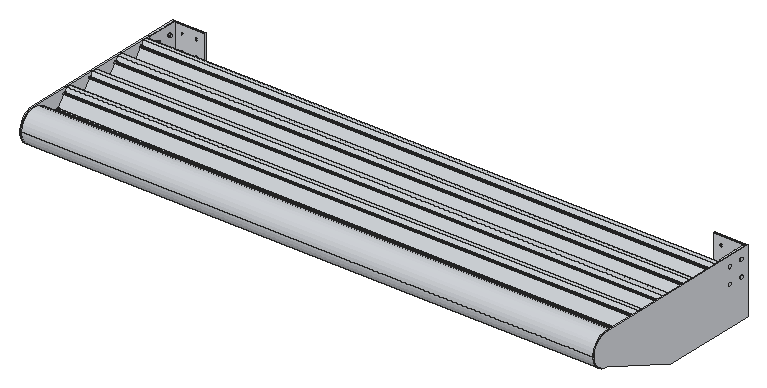
Revit family "Solarium Series", category Mechanical Equipment, Revit 2015
Parameters
  outrigger length = 1' - 6"
  inner radius [instance] = fascia radius - 0' 0 1/8"  # 0' - 2 7/8"
  height = 1' - 0"
  fascia radius [instance] = fascia diameter / 2  # 0' - 3"
  fascia diameter = 0' - 6"
  exact projection = 3' - 0"
  exact length = 9' - 0"
  blade spacing [instance] = 0' - 6"
  blade number [instance] = (exact projection - 0' 8 1/4" - fascia diameter) / blade spacing  # 4
  blade length [instance] = exact length - 0' 0 1/2"  # 8' - 11 1/2"
  URL = "https://unitedenertech.com/catalog/pdf/C_10%20SOLARIUM%20SERIES.pdf"
  Type Comments = "Max Size is 96\" Long, 72\" Projection"
  Model = "Solarium Series"
  Manufacturer = "United Enertech"
  Description = "Round Fascia \"Z\" Blade Sunshade"
  Cost = 0
Reference planes (in)
  plane 1 "Center (Front/Back)": y = 0
  plane 2: z = 0
  plane 3 "Center (Left/Right)": x = 0
  plane 4: x = -54
  plane 5: x = 54
  plane 6: y = -36
  plane 7: y = -18
  plane 8: x = -53.75
  plane 9: x = 53.75
  plane 10: z = 12
  plane 11: y = -33
  plane 12: z = 9
  plane 13: y = -18
  plane 14: z = 6
  plane 15: y = -6.5
Forms (in)
  Extrusion 1, solid
    sketch origin (0, 0, 0) x (0, 1, 0) y (0, 0, 1)
      loop
        circle (-33, 9) r 3
      loop
        circle (-33, 9) r 2.875
    from -53.75 to 53.75
  Extrusion 2, solid
    sketch origin (0, 0, 0) x (0, 1, 0) y (0, 0, 1)
      loop
        line (0, 0) -> (0, 12) -> (-33, 12)
        arc (-33, 12) -> (-36, 9) -> (-33, 6) r 3
        line (-33, 6) -> (-18, 0) -> (0, 0)
    from 53.75 to 54
  Extrusion 3, solid
    sketch origin (0, 0, 0) x (0, 1, 0) y (0, 0, 1)
      loop
        line (0, 0) -> (0, 12) -> (-33, 12)
        arc (-33, 12) -> (-36, 9) -> (-33, 6) r 3
        line (-33, 6) -> (-18, 0) -> (0, 0)
    from -54 to -53.75
Dimensions and locks (in)
  equal spacing: plane 4, plane 3 "Center (Left/Right)", plane 5
  "exact length": plane 4 to plane 5
  equal spacing: plane 6, plane 7, plane 1 "Center (Front/Back)"
  "exact projection": plane 6 to plane 1 "Center (Front/Back)"
  locked: plane 4 to plane 8 at 0.25
  locked: plane 9 to plane 5 at 0.25
  "height": plane 10 to level
  "fascia radius": plane 11 to plane 6
  "fascia radius": plane 10 to plane 12
  "outrigger length": plane 1 "Center (Front/Back)" to plane 13
  "fascia diameter": plane 10 to plane 14
  locked: plane 1 "Center (Front/Back)" to plane 15 at 6.5
  "inner radius": radius of Extrusion 1 sketch curve
  "fascia radius": radius of Extrusion 1 sketch curve
  aligned and locked: level to plane 2
  aligned and locked: plane 9 to Extrusion 1
  aligned and locked: plane 8 to Extrusion 1
  aligned and locked: Extrusion 2 sketch curve to plane 10
  aligned and locked: plane 1 "Center (Front/Back)" to Extrusion 2 sketch curve
  aligned and locked: Extrusion 2 sketch curve to level
  aligned and locked: plane 11 to Extrusion 2 sketch curve  (x2)
  aligned and locked: plane 13 to Extrusion 2 sketch curve
  aligned and locked: level to Extrusion 2 sketch curve
  aligned and locked: plane 14 to Extrusion 2 sketch curve
  aligned and locked: Extrusion 2 to plane 5
  aligned and locked: Extrusion 2 to plane 9
  aligned and locked: plane 4 to Extrusion 3
  aligned and locked: Extrusion 3 to plane 8
  aligned and locked: plane 8 to nested 1
  aligned and locked: nested 1 to plane 1 "Center (Front/Back)"
  aligned and locked: plane 10 to nested 1
  aligned and locked: nested 2 to plane 9
  aligned and locked: plane 1 "Center (Front/Back)" to nested 2
  aligned and locked: nested 2 to plane 10
  aligned and locked: plane 3 "Center (Left/Right)" to nested 3
  aligned and locked: plane 10 to nested 3
  aligned and locked: nested 3 to plane 15
Automatic sketch dimensions
  Extrusion 3 sketch curve to plane 10 = 0' - 0"
  Extrusion 3 sketch curve to plane 11 = 0' - 0"
  Extrusion 3 sketch curve to level = 0' - 0"
  Extrusion 3 sketch curve to plane 13 = 0' - 0"
  Extrusion 3 sketch curve to plane 1 "Center (Front/Back)" = 0' - 0"
  Extrusion 3 sketch curve to plane 14 = 0' - 0"
  Extrusion 1 sketch curve to Extrusion 1 sketch curve = 0' - 0"  (x2)
  Extrusion 1 sketch curve to plane 11 = 0' - 0"
  Extrusion 1 sketch curve to plane 12 = 0' - 0"
Nested families (in)
  nested 1: "OB-3 Mounting Bracket" at (-39.30496, 9.18015, 6), type "OB-3 Mounting Bracket"
  nested 2: "OB-3 Mounting Bracket" at (39.30496, 9.18015, 6) x (-1, 0, 0) z (0, 0, 1), type "OB-3 Mounting Bracket"
  nested 3: "blade array" at (0, -6.5, 12), type "blade array"
    with Blade Length 8' - 11 1/2"
Definition of nested family "OB-3 Mounting Bracket"
  Reference planes (in)
    plane 1 "Center (Front/Back)": y = 0
    plane 2: z = 0
    plane 3 "Center (Left/Right)": x = 0
  Forms (in)
    Extrusion 1, solid
      sketch origin (0, 0, 0) x (1, 0, 0) y (0, 1, 0)
        loop
          line (-14.44504, -15.18015) -> (-14.19504, -15.18015) -> (-14.19504, -9.43015) -> (-8.44504, -9.43015) -> (-8.44504, -9.18015) -> (-14.44504, -9.18015) -> (-14.44504, -15.18015)
      from 0 to 6
    Extrusion 2, void
      sketch origin (0, 0, 0) x (1, 0, 0) y (0, 0, 1)
        loop
          circle (-12.69504, 4.5) r 0.21875
      from 8.63555 to 10.10152
    Extrusion 3, void
      sketch origin (2.75, 0, 0) x (1, 0, 0) y (0, 0, 1)
        loop
          circle (-12.69504, 4.5) r 0.21875
      from 8.63555 to 10.10152
    Extrusion 4, void
      sketch origin (2.75, 0, -3) x (1, 0, 0) y (0, 0, 1)
        loop
          circle (-12.69504, 4.5) r 0.21875
      from 8.63555 to 10.10152
    Extrusion 5, void
      sketch origin (0, 0, -3) x (1, 0, 0) y (0, 0, 1)
        loop
          circle (-12.69504, 4.5) r 0.21875
      from 8.63555 to 10.10152
    Extrusion 6, void
      sketch origin (-23.62519, -23.62519, 0) x (0, -1, 0) y (0, 0, -1)
        loop
          circle (-12.69504, -4.5) r 0.21875
      from 8.63555 to 10.10152
    Extrusion 7, void
      sketch origin (-23.62519, -26.37519, 0) x (0, -1, 0) y (0, 0, -1)
        loop
          circle (-12.69504, -4.5) r 0.21875
      from 8.63555 to 10.10152
    Extrusion 8, void
      sketch origin (-23.62519, -26.37519, -3) x (0, -1, 0) y (0, 0, -1)
        loop
          circle (-12.69504, -4.5) r 0.21875
      from 8.63555 to 10.10152
    Extrusion 9, void
      sketch origin (-23.62519, -23.62519, -3) x (0, -1, 0) y (0, 0, -1)
        loop
          circle (-12.69504, -4.5) r 0.21875
      from 8.63555 to 10.10152
    Extrusion 10, solid
      sketch origin (0, 6.08939, -3.04102) x (0, 1, 0) y (0, 0, 1)
        loop
          line (-17.01954, 4.2231) -> (-16.74422, 4.38206) -> (-16.74422, 4.69998) -> (-17.01954, 4.85893) -> (-17.29486, 4.69998) -> (-17.29486, 4.38206) -> (-17.01954, 4.2231)
      from -14.69504 to -14.93004
    Extrusion 11, solid
      sketch origin (0, 6.08939, -3.04102) x (0, 1, 0) y (0, 0, 1)
        loop
          circle (-17.01954, 4.54102) r 0.1865
      from -14.69504 to -13.63512
    Extrusion 12, solid
      sketch origin (0, 6.08939, -3.04102) x (0, 1, 0) y (0, 0, 1)
        loop
          line (-17.01954, 4.2231) -> (-16.74422, 4.38206) -> (-16.74422, 4.69998) -> (-17.01954, 4.85893) -> (-17.29486, 4.69998) -> (-17.29486, 4.38206) -> (-17.01954, 4.2231)
      from -13.86504 to -14.19504
    Extrusion 13, solid
      sketch origin (0, 3.33939, -3.04102) x (0, 1, 0) y (0, 0, 1)
        loop
          line (-17.01954, 4.2231) -> (-16.74422, 4.38206) -> (-16.74422, 4.69998) -> (-17.01954, 4.85893) -> (-17.29486, 4.69998) -> (-17.29486, 4.38206) -> (-17.01954, 4.2231)
      from -14.69504 to -14.93004
    Extrusion 14, solid
      sketch origin (0, 3.33939, -3.04102) x (0, 1, 0) y (0, 0, 1)
        loop
          circle (-17.01954, 4.54102) r 0.1865
      from -14.69504 to -13.63512
    Extrusion 15, solid
      sketch origin (0, 3.33939, -3.04102) x (0, 1, 0) y (0, 0, 1)
        loop
          line (-17.01954, 4.2231) -> (-16.74422, 4.38206) -> (-16.74422, 4.69998) -> (-17.01954, 4.85893) -> (-17.29486, 4.69998) -> (-17.29486, 4.38206) -> (-17.01954, 4.2231)
      from -13.86504 to -14.19504
    Extrusion 16, solid
      sketch origin (0, 6.08939, -0.04102) x (0, 1, 0) y (0, 0, 1)
        loop
          line (-17.01954, 4.2231) -> (-16.74422, 4.38206) -> (-16.74422, 4.69998) -> (-17.01954, 4.85893) -> (-17.29486, 4.69998) -> (-17.29486, 4.38206) -> (-17.01954, 4.2231)
      from -14.69504 to -14.93004
    Extrusion 17, solid
      sketch origin (0, 6.08939, -0.04102) x (0, 1, 0) y (0, 0, 1)
        loop
          circle (-17.01954, 4.54102) r 0.1865
      from -14.69504 to -13.63512
    Extrusion 18, solid
      sketch origin (0, 6.08939, -0.04102) x (0, 1, 0) y (0, 0, 1)
        loop
          line (-17.01954, 4.2231) -> (-16.74422, 4.38206) -> (-16.74422, 4.69998) -> (-17.01954, 4.85893) -> (-17.29486, 4.69998) -> (-17.29486, 4.38206) -> (-17.01954, 4.2231)
      from -13.86504 to -14.19504
    Extrusion 19, solid
      sketch origin (0, 3.33939, -0.04102) x (0, 1, 0) y (0, 0, 1)
        loop
          line (-17.01954, 4.2231) -> (-16.74422, 4.38206) -> (-16.74422, 4.69998) -> (-17.01954, 4.85893) -> (-17.29486, 4.69998) -> (-17.29486, 4.38206) -> (-17.01954, 4.2231)
      from -14.69504 to -14.93004
    Extrusion 20, solid
      sketch origin (0, 3.33939, -0.04102) x (0, 1, 0) y (0, 0, 1)
        loop
          circle (-17.01954, 4.54102) r 0.1865
      from -14.69504 to -13.63512
    Extrusion 21, solid
      sketch origin (0, 3.33939, -0.04102) x (0, 1, 0) y (0, 0, 1)
        loop
          line (-17.01954, 4.2231) -> (-16.74422, 4.38206) -> (-16.74422, 4.69998) -> (-17.01954, 4.85893) -> (-17.29486, 4.69998) -> (-17.29486, 4.38206) -> (-17.01954, 4.2231)
      from -13.86504 to -14.19504
  Cuts and joins
    Extrusion 2, Extrusion 3, Extrusion 4, Extrusion 5, Extrusion 6, Extrusion 7, Extrusion 8, Extrusion 9 cuts Extrusion 1
  Dimensions and locks (in)
    aligned and locked: level to plane 2
Definition of nested family "blade array"
  Parameters (values of type "blade array")
    Spacing = 0' - 6"
    Blade Number = 4
    Blade Length = 6' - 0"
  Reference planes (in)
    plane 1 "Center (Front/Back)": y = 0
    plane 2: z = 0
    plane 3 "Center (Left/Right)": x = 0
    plane 4: x = -36
    plane 5: x = 36
  Dimensions and locks (in)
    equal spacing: plane 4, plane 3 "Center (Left/Right)", plane 5
    "Blade Length": plane 4 to plane 5
    equal spacing: group 1, group 2, group 3, group 4  (x2)
    equal spacing: group 4, group 3, group 2, group 1
    "Spacing": nested 1 to nested 2
    aligned and locked: level to plane 2
    aligned and locked: plane 3 "Center (Left/Right)" to nested 1
    aligned and locked: plane 1 "Center (Front/Back)" to nested 1
    aligned and locked: level to nested 1
    aligned and locked: level to nested 2
    aligned and locked: nested 2 to nested 1
  Nested families (in)
    nested 1: "blade" at (0, 0, 0), type "blade"
      with blade length 6' - 0"
    nested 2: "blade" at (0, -6, 0), type "blade"
      with blade length 6' - 0"
    nested 3: "blade" at (0, -12, 0), type "blade"
      with blade length 6' - 0"
    nested 4: "blade" at (0, -18, 0), type "blade"
      with blade length 6' - 0"
  Definition of nested family "blade"
    Parameters (values of type "blade")
      blade length = 5' - 0.50874"
    Reference planes (in)
      plane 1 "Center (Front/Back)": y = 0
      plane 2: z = 0
      plane 3 "Center (Left/Right)": x = 0
      plane 4: x = -30.25437
      plane 5: x = 30.25437
    Forms (in)
      Extrusion 1, solid
        sketch origin (0, -39.81469, -20.01581) x (0, 0, -1) y (0, 1, 0)
          loop
            line (-16.04804, 34.91463) -> (-15.96701, 34.91402) -> (-15.96701, 35.80859) -> (-19.93466, 38.97006) -> (-19.93466, 39.73369) -> (-19.69421, 39.73369) -> (-19.69488, 39.81469) -> (-20.01581, 39.81469) -> (-20.01581, 38.93116) -> (-19.32926, 38.3841)
            arc (-19.32926, 38.3841) -> (-19.41011, 38.311) -> (-19.42489, 38.20302) r 0.159
            line (-19.42489, 38.20302) -> (-19.34573, 38.22021)
            arc (-19.34573, 38.22021) -> (-19.21219, 38.28966) -> (-19.29212, 38.16211) r 0.078
            line (-19.29212, 38.16211) -> (-19.3156, 38.08458)
            arc (-19.3156, 38.08458) -> (-19.18528, 38.1019) -> (-19.11254, 38.21142) r 0.159
            line (-19.11254, 38.21142) -> (-17.31149, 36.77631)
            arc (-17.31149, 36.77631) -> (-17.40296, 36.67807) -> (-17.38665, 36.54483) r 0.159
            line (-17.38665, 36.54483) -> (-17.31792, 36.58769)
            arc (-17.31792, 36.58769) -> (-17.21386, 36.69716) -> (-17.2518, 36.55097) r 0.078
            line (-17.2518, 36.55097) -> (-17.25187, 36.46997)
            arc (-17.25187, 36.46997) -> (-17.1487, 36.50787) -> (-17.09477, 36.60363) r 0.159
            line (-17.09477, 36.60363) -> (-16.04804, 35.76958) -> (-16.04804, 34.91463)
        from -30.25437 to 30.25437
    Dimensions and locks (in)
      equal spacing: plane 4, plane 3 "Center (Left/Right)", plane 5
      "blade length": plane 4 to plane 5
      aligned and locked: level to plane 2
      aligned and locked: Extrusion 1 to plane 5
      aligned and locked: plane 4 to Extrusion 1
    Automatic sketch dimensions
      Extrusion 1 sketch curve to Extrusion 1 sketch curve = 0' - 0"  (x8)
      plane 1 "Center (Front/Back)" to Extrusion 1 sketch curve = 0' - 0"
      level to Extrusion 1 sketch curve = 0' - 0"
      plane 1 "Center (Front/Back)" to Extrusion 1 sketch curve = 0' - 0.84463"
      Extrusion 1 sketch curve to Extrusion 1 sketch curve = 0' - 0.08115"
      Extrusion 1 sketch curve to Extrusion 1 sketch curve = 0' - 0.23978"
      plane 1 "Center (Front/Back)" to Extrusion 1 sketch curve = 0' - 0.081"
      Extrusion 1 sketch curve to Extrusion 1 sketch curve = 0' - 0.00067"
      plane 1 "Center (Front/Back)" to Extrusion 1 sketch curve = 0' - 1.61168"
      Extrusion 1 sketch curve to Extrusion 1 sketch curve = 0' - 0.50977"
      Extrusion 1 sketch curve to Extrusion 1 sketch curve = 0' - 0.07916"
      Extrusion 1 sketch curve to Extrusion 1 sketch curve = 0' - 0.01647"
      plane 1 "Center (Front/Back)" to Extrusion 1 sketch curve = 0' - 1.73011"
      Extrusion 1 sketch curve to Extrusion 1 sketch curve = 0' - 0.03014"
      plane 1 "Center (Front/Back)" to Extrusion 1 sketch curve = 0' - 1.65259"
      Extrusion 1 sketch curve to Extrusion 1 sketch curve = 0' - 0.05362"
      Extrusion 1 sketch curve to Extrusion 1 sketch curve = 0' - 0.02261"
      plane 1 "Center (Front/Back)" to Extrusion 1 sketch curve = 0' - 1.60328"
      Extrusion 1 sketch curve to Extrusion 1 sketch curve = 0' - 0.15697"  (x2)
      Extrusion 1 sketch curve to Extrusion 1 sketch curve = 0' - 1.7259"
      plane 1 "Center (Front/Back)" to Extrusion 1 sketch curve = 0' - 3.227"
      Extrusion 1 sketch curve to Extrusion 1 sketch curve = 0' - 0.06873"
      Extrusion 1 sketch curve to Extrusion 1 sketch curve = 0' - 0.00643"
      Extrusion 1 sketch curve to Extrusion 1 sketch curve = 0' - 0.06605"
      plane 1 "Center (Front/Back)" to Extrusion 1 sketch curve = 0' - 3.26372"
      Extrusion 1 sketch curve to Extrusion 1 sketch curve = 0' - 0.06612"
      Extrusion 1 sketch curve to Extrusion 1 sketch curve = 0' - 0.00007"
      Extrusion 1 sketch curve to Extrusion 1 sketch curve = 0' - 1.04673"
      Extrusion 1 sketch curve to Extrusion 1 sketch curve = 0' - 0.04287"
      Extrusion 1 sketch curve to Extrusion 1 sketch curve = 0' - 0.081"
      Extrusion 1 sketch curve to Extrusion 1 sketch curve = 0' - 0.83405"
      Extrusion 1 sketch curve to Extrusion 1 sketch curve = 0' - 0.03891"
      Extrusion 1 sketch curve to Extrusion 1 sketch curve = 0' - 0.03901"
      Extrusion 1 sketch curve to Extrusion 1 sketch curve = 0' - 0.85495"
      Extrusion 1 sketch curve to Extrusion 1 sketch curve = 0' - 0.00061"
      Extrusion 1 sketch curve to Extrusion 1 sketch curve = 0' - 0.08103"
